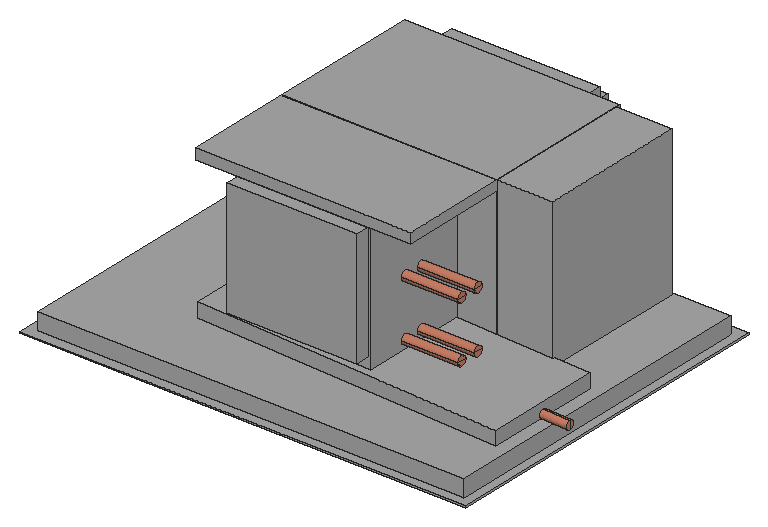
Revit family
Parameters (values of type "FNP 6 - 115V - 4 Pipe - 3 Rows Cooling - 1 Row Heating")
  Width = if(1 = 1, (Supply Air Connection Width + 1' 8"), 1' 0")  # 2' - 10"
  Water Supply Connection Diameter = 1"
  Water Return Connection Diameter = 1"
  Voltage = 120 V
  Unit Weight = if(Supply Air Connection Width > 3' 10", 170.00 lbf, if(Supply Air Connection Width > 3' 6", 164.00 lbf, if(Supply Air Connection Width > 3' 2", 157.00 lbf, if(Supply Air Connection Width > 2' 8", 150.00 lbf, if(Supply Air Connection Width > 2' 3", 101.00 lbf, if(Supply Air Connection Width > 1' 6", 95.00 lbf, 87.00 lbf))))))  # 87.00 lbf
  Unit Size = 6
  URL = "http://www.johnsoncontrols.com/publish/us/en.html"
  Type Comments = ""
  Total Cooling Capacity = 0.0 Btu/h
  Total Coil Row Count = Heating Coil Row Count + Cooling Coil Row Count  # 0
  Telescoping Height [instance] = 0' - 6 1/2"
  Telescoping Bottom [instance] = no
  Supply Fan Quantity = if(Coil Face Area > 2.50 SF, 2, 1)  # 1
  Supply Air Connection Width = if(Unit Size > 19, 3' 11", if(Unit Size > 17, 3' 7", if(Unit Size > 15, 3' 2", if(Unit Size > 13, 2' 9", if(Unit Size > 11, 2' 4", if(Unit Size > 9, 1' 11", if(Unit Size > 7, 1' 7", 1' 2")))))))  # 14"
  Supply Air Connection Height = 1' 0 1/2"  # 12 1/2"
  Sensible Heating Capacity = 0.0 Btu/h
  Sensible Cooling Capacity = 0.0 Btu/h
  Secondary Condensate Drain Flow = 0.00 GPM
  Return Connection Rear [instance] = not(or(Return Connection Bottom, Telescoping Bottom))  # yes
  Return Connection Bottom [instance] = no
  Return Air Connection Width = if(Unit Size > 19, 4' 1 7/8", if(Unit Size > 17, 3' 8 7/8", if(Unit Size > 15, 3' 3 7/8", if(Unit Size > 13, 2' 11 7/8", if(Unit Size > 11, 2' 8", if(Unit Size > 9, 2' 1 7/8", if(Unit Size > 7, 1' 7 7/8", 1' 4")))))))  # 16"
  Return Air Connection Height = 1' 1 3/4"  # 13 3/4"
  Reheat [instance] = yes
  Product Page URL = "http://www.johnsoncontrols.com/publish/us/en/products/building_efficiency/integrated_hvac_systems/Industrial___Commercial_HVAC_Equipment/airside_products/fan-coil/horizontal-high-performance.html"
  Product Documentation Link = "http://www.johnsoncontrols.com/publish/etc/medialib/jci/be/integrated_hvac_systems/hvac_equipment/airside/fan-coil-units/horizontal-high-performance.Par.62567.File.dat/115-26-EG3909-Horizontal-High-Performance.pdf"
  Pressure Drop = 0.00 in-wg
  Preheat [instance] = not(Reheat)  # no
  Power Factor = 0.8
  Nominal HP [instance] = 0 kW
  Motor ECM Current = 0 A
  Heating Steam [instance] = not(Heating Hot Water)  # no
  Heating Nominal Input Power [instance] = 0 kW
  Heating Hot Water [instance] = yes
  Heating Coil Row Count = 0
  Heating Coil Description [instance] = if(Heating Hot Water, "Hot Water", "Steam")  # "Hot Water"
  Filter Quantity = if(Coil Face Area > 2.50 SF, 2, 1)  # 1
  Electric Heat Current = 0 A
  Design Supply Air Flow = 700 CFM
  Cooling DX [instance] = not(Cooling Chilled Water)  # no
  Cooling Coil Row Count = 0
  Cooling Coil Description [instance] = if(Cooling Chilled Water, "Chilled Water", "DX")  # "Chilled Water"
  Cooling Chilled Water [instance] = yes
  Condensate Drain Connector 2 Description [instance] = if(Condensate Pipe Secondary, "Condensate Drain Secondary", "Disabled")  # "Disabled"
  Condensate Drain Connector Description [instance] = "Condensate Drain"  # constant formula
  Chilled Return Water Connector Description [instance] = if([4 Pipe], "Chilled Water Return", "Disabled")  # "Chilled Water Return"
  Chilled Supply Water Connector Description [instance] = if([4 Pipe], "Chilled Water Supply", "Disabled")  # "Chilled Water Supply"
  Return Water Connector Description [instance] = if(or([4 Pipe], [2 Pipe Heating]), "Hot Water Return", "Chilled Water Return")  # "Hot Water Return"
  Supply Water Connector Description [instance] = if(or([4 Pipe], [2 Pipe Heating]), "Hot Water Supply", "Chilled Water Supply")  # "Hot Water Supply"
  Overall Width = if(1 = 1, Supply Air Connection Width + 1' 8", 1' 0")  # 2' - 10"
  OmniClass Title = "Fan Coil Units"  # constant formula
  OmniClass Number = "23.75.70.17.27"  # constant formula
  Number of Poles = 1
  Net Weight = Unit Weight + Coil Rows Weight  # 108.00 lbf
  Mounting Hole Distance = if(1 = 1, Supply Air Connection Width + 0' 6", 1' 0")  # 1' - 8"
  Motor PSC Type [instance] = not(Motor ECM Type)  # yes
  Motor PSC Current = 0 A
  Motor ECM Type [instance] = no
  Model = "FNP"
  Manufacturer = "Johnson Controls, Inc."  # constant formula
  Length = 2' - 8 1/2"  # constant formula
  Keynote = "15700"
  Hot Water Connection Diameter = 0"
  Height = 1' - 4 3/4"  # constant formula
  Heating Leaving Water Temperature = 140 °F
  Heating Entering Water Temperature = 180 °F
  Heating Entering Dry Bulb Temperature = 70 °F
  Heating Coil Water Pressure Drop = 0 Pa
  Full Load Current [instance] = Electric Heat Current + if(Motor ECM Type, Motor ECM Current, Motor PSC Current)  # 0 A
  Frequency = 0 Hz
  Frame Material = Metal - JCI - Steel - Galvanized
  Filter Throwaway [instance] = yes
  Filter Pleated 2 in [instance] = no
  Filter Pleated 1 in [instance] = no
  Filter Size = if(Unit Size > 19, "16x25", if(Unit Size > 15, "16x20", if(Unit Size > 11, "16x16", if(Unit Size > 9, "16x25", if(Unit Size > 7, "16x20", "16x16")))))  # "16x16"
  Fan Width = if(Supply Air Connection Width > 2' 8", 0' 8 1/4", if(Supply Air Connection Width > 2' 3", 0' 6 7/8", if(Supply Air Connection Width > 1' 6", 0' 8 1/4", 0' 6 7/8")))  # 0' - 6 7/8"
  Fan Motor Horsepower = 0.1666
  External Static Pressure = 0.00 in-wg
  Electrical Connector Description = "Single Point Power Connection"
  Electric Heat Wattage = 0 W
  Electric Heat Capacity = 0.0 Btu/h
  Duct Connector Description 2 [instance] = "Return Air Flow Connection Rear"
  Duct Connector Description [instance] = "Supply Air Connection"  # constant formula
  Drain Pan Width = Overall Width - 0' 1 7/8"  # 2' - 8 1/8"
  Design Heating Water Flow = 0.00 GPM
  Design Chilled Water Flow = 0.00 GPM
  Cooling Leaving Water Temperature = 55 °F
  Cooling Entering Wet Bulb Temperature = 67 °F
  Cooling Entering Water Temperature = 45 °F
  Cooling Entering Dry Bulb Temperature = 80 °F
  Cooling Coil Water Pressure Drop = 3447.5 Pa
  Control Enclosure Width = 1' - 4"
  Control Enclosure Height = 1' - 4"  # constant formula
  Control Enclosure Depth = 0' - 6"  # constant formula
  Condensate Drain Pan Material = Metal - JCI - Steel - Galvanized
  Condensate Drain Connection Diameter Auxiliary = 0"
  Coil Rows Weight = 21.00 lbf
  Coil Pipe Material = Metal - JCI - Copper - Type-L - Polished
  Coil Nominal Connection Size = 0' - 0 5/8"
  Coil Face Area = if(Supply Air Connection Width > 3' 10", 5.00 SF, if(Supply Air Connection Width > 3' 6", 4.58 SF, if(Supply Air Connection Width > 3' 1", 4.06 SF, if(Supply Air Connection Width > 2' 8", 3.54 SF, if(Supply Air Connection Width > 2' 3", 3.02 SF, if(Supply Air Connection Width > 1' 10", 2.50 SF, if(Supply Air Connection Width > 1' 6", 2.08 SF, 1.56 SF)))))))  # 1.56 SF
  Chilled Water Connection Diameter = 0"
  Ceiling Panel Bottom [instance] = yes
  Capacity Above Sea Level = 1.085 - ((Altitude / 1000' 0") * 0.034)  # 1.085
  Two Fan Motors = Supply Air Connection Width > 2' 3"  # no
  Drain Pan Overhang Right [instance] = Coil Connection Right  # yes
  Description = ""
  Copyright © = "© 2009, Johnson Controls, Inc."  # constant formula
  Control Enclosure Right [instance] = yes
  Control Enclosure Left [instance] = not(Control Enclosure Right)  # no
  Condensate Pipe Secondary [instance] = no
  Condensate Drain Connection Diameter 2 = 5/8"
  Condensate Drain Connection Diameter = 7/8"
  Condensate Connection Radius 2 [instance] = if(Condensate Pipe Secondary, if(Condensate Drain Connection Diameter 2 < 0' 0 1/8", 0' 0 1/16", Condensate Drain Connection Diameter 2 / 2), Condensate Connection Radius)  # 0' - 0 7/16"
  Condensate Connection Radius [instance] = if(Condensate Drain Connection Diameter < 0' 0 1/8", 0' 0 1/16", Condensate Drain Connection Diameter / 2)  # 0' - 0 7/16"
  Coil Connection Right [instance] = yes
  Coil Connection Left [instance] = not(Coil Connection Right)  # no
  Coil Casing Width = if(1 = 1, Supply Air Connection Width + 0' 9 1/8", 1' 0")  # 1' - 11 1/8"
  Coil Casing Depth = 0' - 11 5/8"  # constant formula
  CTRL Unit Offset From Bottom [instance] = if(Ceiling Panel Bottom, if(Telescoping Bottom, Telescoping Height + 0' 1 7/8", 0' 1 7/8"), 0' 2 7/8")  # 0' - 1 7/8"
  CTRL Supply Offset Front [instance] = 0' - 2 11/64"
  CTRL Supply 2 Offset Front [instance] = CTRL Supply Offset Front + CTRL Return 2 Offset Front  # 0' - 7 3/64"
  CTRL Return Connetion Angle [instance] = if(Return Connection Rear, 0.00°, 90.00°)  # 0.00°
  CTRL Return Connection Offset [instance] = if(Return Connection Rear, 0' 8 1/4", Height / 2)  # 0' - 8 1/4"
  CTRL Return 2 Offset Front [instance] = if([4 Pipe], if(CTRL Supply Offset Front = 0' 0", 0' 9", if([4 Pipe], 0' 4 7/8", 0' 6 7/8")), 0' 4 7/8")  # 0' - 4 7/8"
  CTRL Pipes Offset Position [instance] = if(Coil Connection Right, Supply Air Connection Width + 0' 0 1/2", 0' 0")  # 1' - 2 1/2"
  CTRL Pipes Offset Length = ((Coil Casing Width - Supply Air Connection Width) / 2) + 0' 1 7/8" - 0' 0 1/4"  # 0' - 6 3/16"
  CTRL Pipe Supply Radius = if(Water Supply Connection Diameter < 0' 0 1/4", 0' 0 1/8", if(Water Supply Connection Diameter > 0' 4", 0' 2", Water Supply Connection Diameter / 2))  # 0' - 0 1/2"
  CTRL Pipe Supply 2 Height Offset [instance] = if([4 Pipe], if(CTRL Pipe Supply Height Offset > 0' 10", CTRL Pipe Supply Height Offset, if([4 Pipe], 0' 3", CTRL Pipe Supply Height Offset)), CTRL Pipe Supply Height Offset)  # 0' - 3"
  CTRL Pipe Supply Height Offset [instance] = if(CTRL Pipe Return Height Offset = 0' 1 1/2", CTRL Pipe Return Height Offset + 1' 1 3/4", 0' 9 1/8")  # 0' - 9 1/8"
  CTRL Pipe Radius = if(Water Return Connection Diameter < 0' 0 1/4", 0' 0 1/8", if(Water Return Connection Diameter > 0' 4", 0' 2", Water Return Connection Diameter / 2))  # 0' - 0 1/2"
  CTRL Pipe Return Height Offset [instance] = 0' - 9 1/8"
  CTRL Pipe Return Angle [instance] = if(Coil Connection Right, 0.00°, 180.00°)  # 0.00°
  CTRL Pipe Return 2 Height Offset [instance] = if([4 Pipe], if(CTRL Pipe Return Height Offset < 0' 3", CTRL Pipe Return Height Offset, if([4 Pipe], 0' 3", CTRL Pipe Return Height Offset)), CTRL Pipe Return Height Offset)  # 0' - 3"
  CTRL Filter Height [instance] = if(1 = 1, Return Air Connection Height + 0' 2 1/4", 0' 0")  # 1' - 4"
  CTRL Fan Two Offset = if(Supply Air Connection Width > 2' 3", Supply Air Connection Width / 4, Supply Air Connection Width / 2)  # 0' - 7"
  CTRL Fan One Offset = if(Supply Air Connection Width > 2' 3", Supply Air Connection Width / 4, Supply Air Connection Width / 2)  # 0' - 7"
  CTRL Enclosure Width = if(Control Enclosure Width < 0' 10", 0' 10", if(Control Enclosure Width > 1' 4", 1' 4", Control Enclosure Width))  # 1' - 4"
  CTRL Enclosure Offset Right [instance] = if(Control Enclosure Right, (Coil Casing Width / 2) + 0' 6", 0' 0")  # 1' - 5 9/16"
  CTRL Enclosure Offset Left [instance] = if(Control Enclosure Right, 0' 6", (Coil Casing Width / 2) + 0' 6")  # 0' - 6"
  CTRL Enclosure Depth 2 [instance] = if(Control Enclosure Right, 0' 0", 0' 6")  # 0' - 0"
  CTRL Enclosure Depth 1 [instance] = if(Control Enclosure Right, 0' 6", 0' 0")  # 0' - 6"
  CTRL Drain Pan Position = (Coil Casing Width / 2)  # 0' - 11 9/16"
  CTRL Drain Pan Angle [instance] = if(Drain Pan Overhang Right, 0.00°, 180.00°)  # 0.00°
  Auxiliary Drip Pan [instance] = no
  Assembly Code = "D3050100"
  Apparent Load [instance] = Full Load Current * Voltage  # 0 VA
  Altitude = 0' - 0"
  Actual Supply Air Flow [instance] = 0 CFM
  Actual Return Air Flow [instance] = 0 CFM
  Actual Heating Water Flow [instance] = 0.00 GPM
  Actual Condensate Drain Flow [instance] = 0.00 GPM
  Actual Chilled Water Flow [instance] = 0.00 GPM
  4 Pipe = yes
  2 Pipe Heating = no
  2 Pipe Cooling = not(or([4 Pipe], [2 Pipe Heating]))  # no
Reference planes (in)
  plane 1 "Center (Front/Back)": y = 0
  plane 2 "Bottom": z = 1.875
  plane 3 "Center (Left/Right)": x = 0
  plane 4 "Left": x = -11.5625
  plane 5 "Right": x = 11.5625
  plane 6 "Front": y = -11.625
  plane 7 "Top": z = 18.625
  plane 8 "Duct Width Left": x = -7
  plane 9 "Duct Width Right": x = 7
  plane 10 "Duct Height Top": z = 17.5
  plane 11 "Duct Height Bottom": z = 5
  plane 12 "Duct Connector Front": y = -13.125
  plane 13 "Duct Width Offset Right": x = 7.25
  plane 14 "Duct Width Offset Left": x = -7.25
  plane 15 "Back": y = 19.375
  plane 16 "Coil Casing Bottom": z = 3.875
  plane 17 "Drain Pan Position (Left/Right)": x = 0
  plane 18 "Drain Pan Position (Front/Back)": y = -6.1875
  plane 19 "Duct Connection (Top/Bottom)": z = 11.25
  plane 20 "Ctrl Enclosure (L/R) 2": x = 11.5625
  plane 21 "Ctrl Enclosure Back": y = 16
  plane 22 "Ctrl Enclosure (L/R) 1": x = 17.5625
  plane 23 "Ctrl Enclosure Height Bottom": z = 2.625
  plane 24 "Return Header": y = -4.875
  plane 25 "Supply Header": y = -7.04688
  plane 26 "Headers Center CTRL (L/R)": x = 7.25
  plane 27 "Return Height Placement": z = 11
  plane 28 "Supply Height Placement": z = 11
  plane 29 "Fan 1 Center (L/R)": x = 0
  plane 30 "Fan 2 Center (L/R)": x = 0
  plane 31 "Plenum Depth": y = 16.5
  plane 32 "Filter Depth": y = 18.375
  plane 33 "Return Connector Height Top": z = 17.125
  plane 34 "Return Connection Height Bottom": z = 3.375
  plane 35 "Filter Top": z = 18.25
  plane 36 "Filter Bottom": z = 2.25
  plane 37 "Return Connection Width Left": x = -8
  plane 38 "Return Connection Width Right": x = 8
  plane 39 "Return Connection (F/B) Position": y = 8.25
  plane 40 "Plenum Box Center (F/B)": y = 8.25
  plane 41 "Center Elevation (T/B)": z = 10.25
  plane 42 "Return Bottom Masking Region": z = -1
  plane 43 "Filter Bottom Return": z = 0
  plane 44 "Return Header 2": y = -4.875
  plane 45 "Supply Header 2": y = -7.04688
  plane 46 "Return Height Placement 2": z = 4.875
  plane 47 "Supply Height Placement 2": z = 4.875
Forms (in)
  Extrusion 1, solid, material "Metal - JCI - Steel - Galvanized" <- "Frame Material", detail levels fine
    sketch origin (0, 0, 0) x (1, 0, 0) y (0, 1, 0)
      loop
        line (11.5625, -11.625) -> (11.5625, 0) -> (-11.5625, 0) -> (-11.5625, -11.625) -> (11.5625, -11.625)
    from 17.5 to 18.625
  Extrusion 2, solid, material "Metal - JCI - Steel - Galvanized" <- "Frame Material", detail levels fine
    sketch origin (0, 0, 0) x (1, 0, 0) y (0, 1, 0)
      loop
        line (7.25, -11.625) -> (7.25, 0) -> (-7.25, 0) -> (-7.25, -11.625) -> (7.25, -11.625)
    from 3.875 to 17.5
  Extrusion 3, solid, material "Metal - JCI - Steel - Galvanized" <- "Frame Material", detail levels medium+fine
    sketch origin (0, 0, 0) x (1, 0, 0) y (0, 0, 1)
      loop
        line (7, 5) -> (7, 17.5) -> (-7, 17.5) -> (-7, 5) -> (7, 5)
    from 11.625 to 13.125
  Blend 4, solid, material "Metal - JCI - Steel - Galvanized" <- "Frame Material", detail levels medium+fine
    base sketch origin (11.5625, 0, 2.375) x (0, -1, 0) y (0, 0, 1)
      loop
        line (-16, 0.25) -> (0, 0.25) -> (0, 16.25) -> (-16, 16.25) -> (-16, 0.25)
    top sketch origin (11.5625, 0, 2.375) x (0, -1, 0) y (0, 0, 1)
      loop
        line (-16, 0.25) -> (0, 0.25) -> (0, 16.25) -> (-16, 16.25) -> (-16, 0.25)
    from -6 to 0
  Revolve 5, solid, material "Metal - JCI - Copper - Type-L - Polished" <- "Coil Pipe Material", detail levels fine
    sketch origin (0, 0, 11) x (-1, 0, 0) y (0, -1, 0)
      loop
        line (-13.4375, 4.875) -> (-13.4375, 4.375) -> (-7.25, 4.375) -> (-7.25, 4.875) -> (-13.4375, 4.875)
      axis (-7.25, 4.875) -> (-13.4375, 4.875)
    angle from 0 to 360
  Revolve 6, solid, material "Metal - JCI - Copper - Type-L - Polished" <- "Coil Pipe Material", detail levels fine
    sketch origin (0, 0, 11) x (-1, 0, 0) y (0, -1, 0)
      loop
        line (-13.4375, 7.04688) -> (-13.4375, 6.54688) -> (-7.25, 6.54688) -> (-7.25, 7.04688) -> (-13.4375, 7.04688)
      axis (-7.25, 7.04688) -> (-13.4375, 7.04688)
    angle from 0 to 360
  Extrusion 7, solid, material "Metal - JCI - Steel - Galvanized" <- "Frame Material", detail levels medium+fine
    sketch origin (0, 0, 11) x (-1, 0, 0) y (0, -1, 0)
      loop
        line (-11.5625, 0) -> (-11.5625, -16.5) -> (11.5625, -16.5) -> (11.5625, 0) -> (-11.5625, 0)
    from -9.125 to 7.625
  Extrusion 8, solid, material "Metal - JCI - Steel - Galvanized" <- "Frame Material", detail levels medium
    sketch origin (0, 0, 10.25) x (-1, 0, 0) y (0, -1, 0)
      loop
        line (-11.5625, 11.625) -> (-11.5625, 0) -> (11.5625, 0) -> (11.5625, 11.625) -> (-11.5625, 11.625)
    from -8.375 to 8.375
  Extrusion 9, solid, material "Metal - JCI - Steel - Galvanized" <- "Frame Material", detail levels medium+fine
    sketch origin (-11.5625, 0, 0) x (0, -1, 0) y (0, 0, 1)
      loop
        line (-16.5, 2.25) -> (-16.5, 18.25) -> (-18.375, 18.25) -> (-18.375, 2.25) -> (-16.5, 2.25)
    from -19.5625 to -3.5625
  Extrusion 10, solid, material "Metal - JCI - Steel - Galvanized" <- "Frame Material", detail levels medium+fine
    sketch origin (-11.5625, 0, 0) x (0, -1, 0) y (0, 0, 1)
      loop
        line (-18.375, 17.125) -> (-19.375, 17.125) -> (-19.375, 3.375) -> (-18.375, 3.375) -> (-18.375, 17.125)
    from -19.5625 to -3.5625
  Revolve 11, solid, material "Metal - JCI - Copper - Type-L - Polished" <- "Coil Pipe Material", detail levels fine
    sketch origin (0, 0, 4.875) x (-1, 0, 0) y (0, -1, 0)
      loop
        line (-7.25, 4.875) -> (-7.25, 5.375) -> (-13.4375, 5.375) -> (-13.4375, 4.875) -> (-7.25, 4.875)
      axis (-7.25, 4.875) -> (-13.4375, 4.875)
    angle from 0 to 360
  Revolve 12, solid, material "Metal - JCI - Copper - Type-L - Polished" <- "Coil Pipe Material", detail levels fine
    sketch origin (0, 0, 4.875) x (-1, 0, 0) y (0, -1, 0)
      loop
        line (-7.25, 7.04688) -> (-7.25, 7.54688) -> (-13.4375, 7.54688) -> (-13.4375, 7.04688) -> (-7.25, 7.04688)
      axis (-7.25, 7.04688) -> (-13.4375, 7.04688)
    angle from 0 to 360
Lines and regions (in)
  Masking region 1
    outline origin (0, 0, 18.625) x (-1, 0, 0) y (0, -1, 0)
      loop
        line (-11.5625, 11.625) -> (-11.5625, 0) -> (11.5625, 0) -> (11.5625, 11.625) -> (-11.5625, 11.625)
  Masking region 2, detail levels medium+fine
    outline origin (0, 0, 17.5) x (-1, 0, 0) y (0, -1, 0)
      loop
        line (-7, 13.125) -> (-7, 11.625) -> (7, 11.625) -> (7, 13.125) -> (-7, 13.125)
  Masking region 3
    outline origin (0, 0, 1.875) x (1, 0, 0) y (0, 1, 0)
      loop
        line (17.5625, 0) -> (17.5625, 16) -> (11.5625, 16) -> (11.5625, 0) -> (17.5625, 0)
  Masking region 4, visible <- "Coil Connection Left", detail levels fine
    outline origin (0, 0, 1.875) x (1, 0, 0) y (0, 1, 0)
      loop
        line (-13.4375, -4.375) -> (-13.4375, -5.375) -> (-11.5625, -5.375) -> (-11.5625, -4.375) -> (-13.4375, -4.375)
  Masking region 5, visible <- "Coil Connection Right", detail levels fine
    outline origin (0, 0, 1.875) x (1, 0, 0) y (0, 1, 0)
      loop
        line (13.4375, -5.375) -> (13.4375, -4.375) -> (11.5625, -4.375) -> (11.5625, -5.375) -> (13.4375, -5.375)
  Masking region 6, visible <- "Coil Connection Right", detail levels fine
    outline origin (0, 0, 1.875) x (1, 0, 0) y (0, 1, 0)
      loop
        line (13.4375, -7.54688) -> (13.4375, -6.54688) -> (11.5625, -6.54688) -> (11.5625, -7.54688) -> (13.4375, -7.54688)
  Masking region 7, visible <- "Coil Connection Left", detail levels fine
    outline origin (0, 0, 1.875) x (1, 0, 0) y (0, 1, 0)
      loop
        line (-11.5625, -7.54688) -> (-11.5625, -6.54688) -> (-13.4375, -6.54688) -> (-13.4375, -7.54688) -> (-11.5625, -7.54688)
  Masking region 8, visible <- "Control Enclosure Left"
    outline origin (11.5625, 0, 0) x (0, -1, 0) y (0, 0, 1)
      loop
        line (-16, 2.625) -> (0, 2.625) -> (0, 18.625) -> (-16, 18.625) -> (-16, 2.625)
  Masking region 9, visible <- "Control Enclosure Right", detail levels medium+fine
    outline origin (17.5625, 0, 0) x (0, -1, 0) y (0, 0, 1)
      loop
        line (-16, 2.625) -> (0, 2.625) -> (0, 18.625) -> (-16, 18.625) -> (-16, 2.625)
  Masking region 10
    outline origin (7.25, 0, 0) x (0, -1, 0) y (0, 0, -1)
      loop
        line (0, -3.875) -> (0, -18.625) -> (11.625, -18.625) -> (11.625, -3.875) -> (0, -3.875)
  Masking region 11, detail levels medium+fine
    outline origin (11.5625, 0, 0) x (0, -1, 0) y (0, 0, 1)
      loop
        line (11.625, 5) -> (13.125, 5) -> (13.125, 17.5) -> (11.625, 17.5) -> (11.625, 5)
  Masking region 12
    outline origin (0, 0, 10.25) x (-1, 0, 0) y (0, -1, 0)
      loop
        line (-11.5625, 0) -> (-11.5625, -16.5) -> (11.5625, -16.5) -> (11.5625, 0) -> (-11.5625, 0)
  Masking region 13, detail levels medium+fine
    outline origin (0, 0, 10.25) x (-1, 0, 0) y (0, -1, 0)
      loop
        line (-8, -16.5) -> (-8, -19.375) -> (8, -19.375) -> (8, -16.5) -> (-8, -16.5)
  Masking region 14
    outline origin (0, 0, 0) x (0, 1, 0) y (0, 0, 1)
      loop
        line (16.5, 1.875) -> (16.5, 18.625) -> (0, 18.625) -> (0, 1.875) -> (16.5, 1.875)
  Masking region 15
    outline origin (0, 0, 0) x (1, 0, 0) y (0, 0, 1)
      loop
        line (11.5625, 2.625) -> (17.5625, 2.625) -> (17.5625, 18.625) -> (11.5625, 18.625) -> (11.5625, 2.625)
  Masking region 16
    outline origin (0, 0, 0) x (1, 0, 0) y (0, 0, 1)
      loop
        line (11.5625, 1.875) -> (11.5625, 18.625) -> (-11.5625, 18.625) -> (-11.5625, 1.875) -> (11.5625, 1.875)
  Masking region 17, detail levels fine
    outline origin (0, -13.125, 0) x (-1, 0, 0) y (0, 0, 1)
      loop
        line (-7, 5) -> (7, 5) -> (7, 17.5) -> (-7, 17.5) -> (-7, 5)
  Masking region 18, detail levels medium+fine
    outline origin (0, -11.625, 0) x (-1, 0, 0) y (0, 0, 1)
      loop
        line (-11.5625, 17.5) -> (11.5625, 17.5) -> (11.5625, 18.625) -> (-11.5625, 18.625) -> (-11.5625, 17.5)
  Masking region 19
    outline origin (0, 19.375, 0) x (-1, 0, 0) y (0, 0, 1)
      loop
        line (-11.5625, 1.875) -> (11.5625, 1.875) -> (11.5625, 18.625) -> (-11.5625, 18.625) -> (-11.5625, 1.875)
  Masking region 20
    outline origin (0, 16, 0) x (-1, 0, 0) y (0, 0, 1)
      loop
        line (-11.5625, 2.625) -> (-11.5625, 18.625) -> (-17.5625, 18.625) -> (-17.5625, 2.625) -> (-11.5625, 2.625)
  Masking region 21, detail levels medium+fine
    outline origin (-11.5625, 0, 0) x (0, -1, 0) y (0, 0, 1)
      loop
        line (-16.5, 2.25) -> (-16.5, 18.25) -> (-18.375, 18.25) -> (-18.375, 17.125) -> (-19.375, 17.125) -> (-19.375, 3.375) -> (-18.375, 3.375) -> (-18.375, 2.25) -> (-16.5, 2.25)
  Masking region 22, detail levels coarse
    outline origin (-11.5625, 0, 0) x (0, -1, 0) y (0, 0, 1)
      loop
        line (-16.5, 2.25) -> (-16.5, 18.25) -> (-18.375, 18.25) -> (-18.375, 2.25) -> (-16.5, 2.25)
  Masking region 23, visible <- "Return Connection Bottom", detail levels medium+fine
    outline origin (0, -11.625, 0) x (-1, 0, 0) y (0, 0, 1)
      loop
        line (-8, -1) -> (8, -1) -> (8, 1.875) -> (-8, 1.875) -> (-8, -1)
  Masking region 24, visible <- "Return Connection Bottom", detail levels coarse
    outline origin (0, -11.625, 0) x (-1, 0, 0) y (0, 0, 1)
      loop
        line (-8, 0) -> (8, 0) -> (8, 1.875) -> (-8, 1.875) -> (-8, 0)
  Masking region 25, detail levels fine
    outline origin (0, -4.875, 0) x (-1, 0, 0) y (0, 0, 1)
      loop
        line (-7.25, 11.5) -> (-13.4375, 11.5) -> (-13.4375, 10.5) -> (-7.25, 10.5) -> (-7.25, 11.5)
  Masking region 26, detail levels fine
    outline origin (0, -7.04688, 0) x (-1, 0, 0) y (0, 0, 1)
      loop
        line (-13.4375, 10.5) -> (-7.25, 10.5) -> (-7.25, 11.5) -> (-13.4375, 11.5) -> (-13.4375, 10.5)
  Masking region 27, visible <- "4 Pipe", detail levels fine
    outline origin (0, -7.04688, 0) x (-1, 0, 0) y (0, 0, 1)
      loop
        line (-13.4375, 4.375) -> (-7.25, 4.375) -> (-7.25, 5.375) -> (-13.4375, 5.375) -> (-13.4375, 4.375)
  Masking region 28, visible <- "4 Pipe", detail levels fine
    outline origin (0, -4.875, 0) x (-1, 0, 0) y (0, 0, 1)
      loop
        line (-13.4375, 4.375) -> (-7.25, 4.375) -> (-7.25, 5.375) -> (-13.4375, 5.375) -> (-13.4375, 4.375)
  reference lines
    curve 1: line (0, -6.1875, 0) -> (11.5625, -6.1875, 0)
    curve 2: line (11.5625, -5.8125, 0) -> (11.5625, -6.5625, 0)
    curve 39: line (17.5625, -1.47806, 1.875) -> (17.5625, 20.52194, 1.875)
    curve 40: line (11.5625, -1.47806, 1.875) -> (11.5625, 20.52194, 1.875)
    curve 41: line (11.15623, -4.375, 1.875) -> (7.53123, -4.375, 1.875)
    curve 42: line (11.15623, -5.375, 1.875) -> (7.53123, -5.375, 1.875)
    curve 43: line (-13.4375, -16.00927, 1.875) -> (-13.4375, 25.99073, 1.875)
    curve 44: line (13.4375, -16.00927, 1.875) -> (13.4375, 3.86573, 1.875)
    curve 45: line (11.15623, -6.54688, 1.875) -> (8.78123, -6.54688, 1.875)
    curve 46: line (11.15623, -7.54688, 1.875) -> (8.78123, -7.54688, 1.875)
    curve 57: line (0, 8.25, 10.25) -> (0, 16.5, 10.25)
    curve 58: line (0, 16.5, 18.25) -> (0, 16.5, 2.25)
    curve 59: line (0, 18.375, 2.25) -> (0, 18.375, 18.25)
    curve 60: line (0, 19.375, 3.375) -> (0, 19.375, 17.125)
  symbolic lines, style "Fan Coil Unit", detail levels coarse
    curve 3: line (0, -13.125, 17.5) -> (0, -11.625, 17.5)
    curve 73: line (0, 16.5, 10.25) -> (0, 19.375, 10.25)
  model lines, style "Fan Coil Unit", detail levels coarse
    curve 4: line (11.5625, -11.625, 18.625) -> (-11.5625, -11.625, 18.625)
    curve 5: line (11.5625, 0, 18.625) -> (11.5625, -11.625, 18.625)
    curve 6: line (-11.5625, 0, 18.625) -> (11.5625, 0, 18.625)
    curve 7: line (-11.5625, -11.625, 18.625) -> (-11.5625, 0, 18.625)
    curve 8: line (11.5625, -11.625, 17.5) -> (-11.5625, -11.625, 17.5)
    curve 9: line (11.5625, 0, 17.5) -> (11.5625, -11.625, 17.5)
    curve 10: line (-11.5625, 0, 17.5) -> (11.5625, 0, 17.5)
    curve 11: line (-11.5625, -11.625, 17.5) -> (-11.5625, 0, 17.5)
    curve 12: line (7.25, -11.625, 3.875) -> (-7.25, -11.625, 3.875)
    curve 13: line (7.25, 0, 3.875) -> (7.25, -11.625, 3.875)
    curve 14: line (-7.25, 0, 3.875) -> (7.25, 0, 3.875)
    curve 15: line (-7.25, -11.625, 3.875) -> (-7.25, 0, 3.875)
    curve 16: line (-7, -11.625, 5) -> (7, -11.625, 5)
    curve 17: line (-11.5625, 0, 17.5) -> (-11.5625, 0, 18.625)
    curve 18: line (11.5625, 0, 17.5) -> (11.5625, 0, 18.625)
    curve 19: line (-7.25, 0, 3.875) -> (-7.25, 0, 17.5)
    curve 20: line (7.25, 0, 3.875) -> (7.25, 0, 17.5)
    curve 21: line (-11.5625, -11.625, 17.5) -> (-11.5625, -11.625, 18.625)
    curve 22: line (11.5625, -11.625, 17.5) -> (11.5625, -11.625, 18.625)
    curve 23: line (-7, -11.625, 5) -> (-7, -11.625, 17.5)
    curve 24: line (7, -11.625, 5) -> (7, -11.625, 17.5)
    curve 25: line (7.25, -11.625, 3.875) -> (7.25, -11.625, 17.5)
    curve 26: line (-7.25, -11.625, 3.875) -> (-7.25, -11.625, 17.5)
    curve 27: line (0, -11.625, 11.25) -> (0, -13.125, 11.25)
    curve 28: line (17.5625, 0, 18.625) -> (17.5625, 16, 18.625)
    curve 29: line (17.5625, 0, 2.625) -> (17.5625, 0, 18.625)
    curve 30: line (17.5625, 16, 2.625) -> (17.5625, 0, 2.625)
    curve 31: line (17.5625, 16, 18.625) -> (17.5625, 16, 2.625)
    curve 32: line (17.5625, 16, 18.625) -> (11.5625, 16, 18.625)
    curve 33: line (11.5625, 16, 18.625) -> (11.5625, 0, 18.625)
    curve 34: line (11.5625, 0, 18.625) -> (17.5625, 0, 18.625)
    curve 35: line (11.5625, 0, 2.625) -> (17.5625, 0, 2.625)
    curve 36: line (11.5625, 16, 18.625) -> (11.5625, 16, 2.625)
    curve 37: line (11.5625, 16, 2.625) -> (11.5625, 0, 2.625)
    curve 38: line (17.5625, 16, 2.625) -> (11.5625, 16, 2.625)
    curve 61: line (11.5625, 0, 18.625) -> (11.5625, 0, 1.875)
    curve 62: line (11.5625, 16.5, 18.625) -> (11.5625, 0, 18.625)
    curve 63: line (11.5625, 16.5, 1.875) -> (11.5625, 16.5, 18.625)
    curve 64: line (11.5625, 0, 1.875) -> (11.5625, 16.5, 1.875)
    curve 65: line (-11.5625, 0, 18.625) -> (11.5625, 0, 18.625)
    curve 66: line (11.5625, 16.5, 18.625) -> (-11.5625, 16.5, 18.625)
    curve 67: line (-11.5625, 16.5, 18.625) -> (-11.5625, 0, 18.625)
    curve 68: line (-11.5625, 16.5, 18.625) -> (-11.5625, 16.5, 1.875)
    curve 69: line (-11.5625, 0, 1.875) -> (-11.5625, 0, 18.625)
    curve 70: line (-11.5625, 16.5, 1.875) -> (-11.5625, 0, 1.875)
    curve 71: line (11.5625, 16.5, 1.875) -> (-11.5625, 16.5, 1.875)
    curve 72: line (-11.5625, 0, 1.875) -> (11.5625, 0, 1.875)
    curve 82: line (-8, 16.5, 18.25) -> (-8, 16.5, 2.25)
    curve 83: line (-8, 16.5, 2.25) -> (8, 16.5, 2.25)
    curve 84: line (8, 16.5, 2.25) -> (8, 16.5, 18.25)
    curve 85: line (8, 16.5, 18.25) -> (-8, 16.5, 18.25)
    curve 86: line (8, 18.375, 18.25) -> (-8, 18.375, 18.25)
    curve 87: line (-8, 18.375, 18.25) -> (-8, 16.5, 18.25)
    curve 88: line (8, 16.5, 18.25) -> (8, 18.375, 18.25)
    curve 89: line (8, 18.375, 2.25) -> (8, 16.5, 2.25)
    curve 90: line (8, 18.375, 18.25) -> (8, 18.375, 2.25)
    curve 91: line (-8, 18.375, 2.25) -> (-8, 16.5, 2.25)
    curve 92: line (-8, 18.375, 18.25) -> (-8, 18.375, 2.25)
    curve 93: line (0, 18.375, 10.25) -> (0, 19.375, 10.25)
    curve 95: line (-8, 18.375, 2.25) -> (8, 18.375, 2.25)
  model lines, style "Fan Coil Pipes", visible <- "Coil Connection Left", detail levels coarse+medium
    curve 47: line (-7.25, -4.875, 11) -> (-13.4375, -4.875, 11)
    curve 48: line (-7.25, -7.04688, 11) -> (-13.4375, -7.04688, 11)
  model lines, style "Fan Coil Pipes", visible <- "Coil Connection Right", detail levels coarse+medium
    curve 49: line (7.25, -4.875, 11) -> (13.4375, -4.875, 11)
    curve 50: line (7.25, -7.04688, 11) -> (13.4375, -7.04688, 11)
  symbolic lines, style "Fan Coil Pipes", visible <- "Coil Connection Left", detail levels coarse+medium
    curve 51: line (-11.5625, -4.875, 11) -> (-13.4375, -4.875, 11)
    curve 52: line (-13.4375, -7.04688, 11) -> (-11.5625, -7.04688, 11)
  symbolic lines, style "Fan Coil Pipes", visible <- "Coil Connection Right", detail levels coarse+medium
    curve 53: line (13.4375, -7.04688, 11) -> (11.5625, -7.04688, 11)
    curve 54: line (13.4375, -4.875, 11) -> (11.5625, -4.875, 11)
  symbolic lines, style "Fan Coil Pipes", detail levels coarse
    curve 55: line (0, -11.625, 11.25) -> (0, -13.125, 11.25)
  symbolic lines, style "Fan Coil Pipes", detail levels fine
    curve 56: line (0, -11.625, 17.5) -> (0, 0, 17.5)
  symbolic lines, style "Fan Coil Unit", detail levels fine
    curve 74: line (-8, 18.375, 10.25) -> (8, 18.375, 10.25)
    curve 94: line (0, 18.375, 17.125) -> (0, 18.375, 3.375)
  symbolic lines, style "Fan Coil Unit", visible <- "Coil Connection Right", detail levels fine
    curve 75: circle (17.5625, -7.04688, 11) r 0.5 normal (-1, 0, 0)
    curve 76: circle (17.5625, -4.875, 11) r 0.5 normal (-1, 0, 0)
  symbolic lines, style "Fan Coil Unit", visible <- "Coil Connection Left", detail levels fine
    curve 77: circle (11.5625, -7.04688, 11) r 0.5 normal (-1, 0, 0)
    curve 78: circle (11.5625, -4.875, 11) r 0.5 normal (-1, 0, 0)
  symbolic lines, style "Fan Coil Unit"
    curve 79: line (-7.25, -11.625, 17.5) -> (-7.25, -11.625, 3.875)
    curve 80: line (-7.25, -11.625, 3.875) -> (7.25, -11.625, 3.875)
    curve 81: line (7.25, -11.625, 3.875) -> (7.25, -11.625, 17.5)
    curve 99: line (-7.25, -11.625, 17.5) -> (7.25, -11.625, 17.5)
  symbolic lines, style "Fan Coil Unit", visible <- "Return Connection Bottom", detail levels coarse
    curve 96: line (0, 0, -1) -> (0, 0, 0)
  model lines, style "Fan Coil Pipes", visible <- "4 Pipe", detail levels coarse+medium
    curve 97: line (7.25, -7.04688, 4.875) -> (13.4375, -7.04688, 4.875)
    curve 98: line (13.4375, -4.875, 4.875) -> (7.25, -4.875, 4.875)
Dimensions and locks (in)
  "Height": plane 7 "Top" to plane 2 "Bottom"
  locked: plane 7 "Top" to plane 10 "Duct Height Top" at 1.125
  "Supply Air Connection Height": plane 10 "Duct Height Top" to plane 11 "Duct Height Bottom"
  equal spacing: plane 8 "Duct Width Left", plane 3 "Center (Left/Right)", plane 9 "Duct Width Right"
  "Supply Air Connection Width": plane 8 "Duct Width Left" to plane 9 "Duct Width Right"
  locked: plane 12 "Duct Connector Front" to plane 6 "Front" at 1.5
  locked: plane 14 "Duct Width Offset Left" to plane 8 "Duct Width Left" at 0.25
  locked: plane 13 "Duct Width Offset Right" to plane 9 "Duct Width Right" at 0.25
  "Coil Casing Depth": plane 6 "Front" to plane 1 "Center (Front/Back)"
  "Coil Casing Width": plane 4 "Left" to plane 5 "Right"
  equal spacing: plane 4 "Left", plane 3 "Center (Left/Right)", plane 5 "Right"
  locked: plane 11 "Duct Height Bottom" to plane 16 "Coil Casing Bottom" at 1.125
  equal spacing: curve 2, curve 1, curve 2, locked at 0.375 each
  "CTRL Drain Pan Position": curve 1 to curve 1
  plane 3 "Center (Left/Right)" to plane 17 "Drain Pan Position (Left/Right)" = 0' - 0"
  locked: plane 18 "Drain Pan Position (Front/Back)" to plane 1 "Center (Front/Back)" at 6.1875
  equal spacing: plane 10 "Duct Height Top", plane 19 "Duct Connection (Top/Bottom)", plane 11 "Duct Height Bottom"
  "CTRL Enclosure Width": plane 21 "Ctrl Enclosure Back" to plane 1 "Center (Front/Back)"
  "CTRL Enclosure Depth 1": plane 20 "Ctrl Enclosure (L/R) 2" to curve 39
  "CTRL Enclosure Depth 2": plane 20 "Ctrl Enclosure (L/R) 2" to curve 40
  "CTRL Enclosure Offset Left": plane 20 "Ctrl Enclosure (L/R) 2" to plane 22 "Ctrl Enclosure (L/R) 1"
  "CTRL Enclosure Offset Right": plane 3 "Center (Left/Right)" to plane 22 "Ctrl Enclosure (L/R) 1"
  "Control Enclosure Height": plane 7 "Top" to plane 23 "Ctrl Enclosure Height Bottom"
  "Length": plane 15 "Back" to plane 12 "Duct Connector Front"
  locked: plane 24 "Return Header" to plane 1 "Center (Front/Back)" at 4.875
  "CTRL Supply Offset Front": plane 24 "Return Header" to plane 25 "Supply Header"
  "CTRL Pipes Offset Length": Revolve 5 sketch curve to Revolve 5 sketch curve
  "CTRL Pipe Radius": Revolve 5 sketch curve to Revolve 5 sketch curve
  "CTRL Pipes Offset Position": plane 14 "Duct Width Offset Left" to plane 26 "Headers Center CTRL (L/R)"
  "CTRL Pipe Return Height Offset": plane 27 "Return Height Placement" to plane 2 "Bottom"
  "CTRL Pipe Supply Height Offset": plane 28 "Supply Height Placement" to plane 2 "Bottom"
  "CTRL Pipes Offset Length": Revolve 6 sketch curve to Revolve 6 sketch curve
  "CTRL Pipe Supply Radius": Revolve 6 sketch curve to Revolve 6 sketch curve
  equal spacing: curve 42, plane 24 "Return Header", curve 41
  "CTRL Pipe Radius": curve 41 to plane 24 "Return Header"
  locked: curve 43 to plane 4 "Left" at 1.875
  locked: plane 5 "Right" to curve 44 at 1.875
  equal spacing: curve 46, plane 25 "Supply Header", curve 45
  "CTRL Pipe Supply Radius": curve 46 to plane 25 "Supply Header"
  "CTRL Fan One Offset": plane 8 "Duct Width Left" to plane 29 "Fan 1 Center (L/R)"
  "CTRL Fan Two Offset": plane 30 "Fan 2 Center (L/R)" to plane 9 "Duct Width Right"
  locked: plane 15 "Back" to plane 32 "Filter Depth" at 1
  locked: plane 32 "Filter Depth" to plane 31 "Plenum Depth" at 1.875
  locked: plane 7 "Top" to plane 33 "Return Connector Height Top" at 1.5
  "Return Air Connection Height": plane 33 "Return Connector Height Top" to plane 34 "Return Connection Height Bottom"
  locked: plane 36 "Filter Bottom" to plane 2 "Bottom" at 0.375
  locked: plane 7 "Top" to plane 35 "Filter Top" at 0.375
  equal spacing: plane 37 "Return Connection Width Left", plane 3 "Center (Left/Right)", plane 38 "Return Connection Width Right"
  "Return Air Connection Width": plane 37 "Return Connection Width Left" to plane 38 "Return Connection Width Right"
  "CTRL Unit Offset From Bottom": plane 2 "Bottom" to level
  equal spacing: plane 1 "Center (Front/Back)", plane 40 "Plenum Box Center (F/B)", plane 31 "Plenum Depth"
  equal spacing: plane 7 "Top", plane 41 "Center Elevation (T/B)", plane 2 "Bottom"
  "CTRL Return Connection Offset": curve 57 to curve 57
  equal spacing: curve 58, curve 57, curve 58
  "CTRL Filter Height": curve 58 to curve 58
  equal spacing: curve 59, curve 57, curve 59
  locked: curve 58 to curve 59 at 1.875
  "CTRL Filter Height": curve 59 to curve 59
  locked: curve 60 to curve 59 at 1
  equal spacing: curve 60, curve 57, curve 60
  "Return Air Connection Height": curve 60 to curve 60
  plane 40 "Plenum Box Center (F/B)" to plane 39 "Return Connection (F/B) Position" = 0' - 0"
  locked: plane 2 "Bottom" to plane 42 "Return Bottom Masking Region" at 2.875
  locked: plane 43 "Filter Bottom Return" to plane 42 "Return Bottom Masking Region" at 1
  "CTRL Return 2 Offset Front": plane 44 "Return Header 2" to plane 1 "Center (Front/Back)"
  "CTRL Supply 2 Offset Front": plane 45 "Supply Header 2" to plane 1 "Center (Front/Back)"
  "CTRL Pipes Offset Length": Revolve 11 sketch curve to Revolve 11 sketch curve
  "CTRL Pipe Radius": Revolve 11 sketch curve to Revolve 11 sketch curve
  "CTRL Pipes Offset Length": Revolve 12 sketch curve to Revolve 12 sketch curve
  "CTRL Pipe Radius": Revolve 12 sketch curve to Revolve 12 sketch curve
  "CTRL Pipe Supply 2 Height Offset": plane 47 "Supply Height Placement 2" to plane 2 "Bottom"
  "CTRL Pipe Return 2 Height Offset": plane 46 "Return Height Placement 2" to plane 2 "Bottom"
  equal spacing: Masking region 25 sketch curve, plane 27 "Return Height Placement", Masking region 25 sketch curve
  "CTRL Pipe Radius": Masking region 25 sketch curve to plane 27 "Return Height Placement"
  equal spacing: Masking region 26 sketch curve, plane 28 "Supply Height Placement", Masking region 26 sketch curve
  "CTRL Pipe Radius": Masking region 26 sketch curve to plane 28 "Supply Height Placement"
  equal spacing: Masking region 27 sketch curve, plane 47 "Supply Height Placement 2", Masking region 27 sketch curve
  "CTRL Pipe Radius": Masking region 27 sketch curve to plane 47 "Supply Height Placement 2"
  equal spacing: Masking region 28 sketch curve, plane 46 "Return Height Placement 2", Masking region 28 sketch curve
  "CTRL Pipe Radius": Masking region 28 sketch curve to plane 46 "Return Height Placement 2"
  "CTRL Drain Pan Angle": angle plane 18 "Drain Pan Position (Front/Back)" to curve 1
  locked: curve 1 to curve 2 (angle 90.00°)
  "CTRL Pipe Return Angle": angle plane 24 "Return Header" to Revolve 5 sketch curve
  "CTRL Pipe Return Angle": angle plane 25 "Supply Header" to Revolve 6 sketch curve
  "CTRL Drain Pan Angle": angle plane 18 "Drain Pan Position (Front/Back)" to nested 1
  locked: curve 57 to curve 58 (angle 90.00°)
  "CTRL Return Connetion Angle": angle curve 57 to plane 41 "Center Elevation (T/B)"
  angle curve 57 to curve 59 = 90.00°
  locked: curve 57 to curve 60 (angle 90.00°)
  "CTRL Pipe Return Angle": angle plane 44 "Return Header 2" to Revolve 11 sketch curve
  "CTRL Pipe Return Angle": angle plane 45 "Supply Header 2" to Revolve 12 sketch curve
  aligned and locked: plane 5 "Right" to Extrusion 1 sketch curve
  aligned and locked: Extrusion 1 sketch curve to plane 6 "Front"
  aligned and locked: Extrusion 1 sketch curve to plane 4 "Left"
  aligned and locked: plane 7 "Top" to Extrusion 1
  aligned and locked: Extrusion 1 to plane 10 "Duct Height Top"
  aligned and locked: Extrusion 2 sketch curve to plane 6 "Front"
  aligned and locked: Extrusion 2 sketch curve to plane 13 "Duct Width Offset Right"
  aligned and locked: Extrusion 2 sketch curve to plane 14 "Duct Width Offset Left"
  aligned and locked: plane 10 "Duct Height Top" to Extrusion 2
  aligned and locked: Extrusion 3 sketch curve to plane 10 "Duct Height Top"
  aligned and locked: Extrusion 3 sketch curve to plane 8 "Duct Width Left"
  aligned and locked: Extrusion 3 sketch curve to plane 9 "Duct Width Right"
  aligned and locked: plane 11 "Duct Height Bottom" to Extrusion 3 sketch curve
  aligned and locked: Extrusion 3 to plane 12 "Duct Connector Front"
  aligned and locked: Extrusion 3 to plane 6 "Front"
  aligned and locked: plane 1 "Center (Front/Back)" to Extrusion 2 sketch curve
  aligned and locked: plane 1 "Center (Front/Back)" to Extrusion 1 sketch curve
  aligned and locked: Extrusion 2 to plane 16 "Coil Casing Bottom"
  aligned and locked: plane 18 "Drain Pan Position (Front/Back)" to curve 1
  aligned and locked: plane 17 "Drain Pan Position (Left/Right)" to curve 1
  aligned and locked: Masking region 1 sketch curve to plane 4 "Left"
  aligned and locked: plane 1 "Center (Front/Back)" to Masking region 1 sketch curve
  aligned and locked: Masking region 1 sketch curve to plane 6 "Front"
  aligned and locked: Masking region 1 sketch curve to plane 5 "Right"
  aligned and locked: Masking region 2 sketch curve to plane 8 "Duct Width Left"
  aligned and locked: plane 12 "Duct Connector Front" to Masking region 2 sketch curve
  aligned and locked: plane 6 "Front" to Masking region 2 sketch curve
  aligned and locked: Masking region 2 sketch curve to plane 9 "Duct Width Right"
  aligned and locked: curve 3 to plane 17 "Drain Pan Position (Left/Right)"
  aligned and locked: plane 6 "Front" to curve 3
  aligned and locked: plane 12 "Duct Connector Front" to curve 3
  aligned and locked: curve 7 to plane 4 "Left"
  aligned and locked: curve 4 to plane 6 "Front"
  aligned and locked: plane 1 "Center (Front/Back)" to curve 6
  aligned and locked: curve 5 to plane 5 "Right"
  aligned and locked: curve 11 to plane 4 "Left"
  aligned and locked: plane 1 "Center (Front/Back)" to curve 10
  aligned and locked: curve 8 to plane 6 "Front"
  aligned and locked: curve 9 to plane 5 "Right"
  aligned and locked: plane 6 "Front" to curve 16
  aligned and locked: plane 7 "Top" to curve 17
  aligned and locked: plane 7 "Top" to curve 21
  aligned and locked: plane 10 "Duct Height Top" to curve 17
  aligned and locked: plane 10 "Duct Height Top" to curve 21
  aligned and locked: curve 21 to plane 4 "Left"
  aligned and locked: curve 17 to plane 4 "Left"
  aligned and locked: plane 7 "Top" to curve 22
  aligned and locked: plane 7 "Top" to curve 18
  aligned and locked: plane 10 "Duct Height Top" to curve 18
  aligned and locked: plane 10 "Duct Height Top" to curve 22
  aligned and locked: plane 5 "Right" to curve 22
  aligned and locked: plane 5 "Right" to curve 18
  aligned and locked: curve 26 to plane 14 "Duct Width Offset Left"
  aligned and locked: plane 13 "Duct Width Offset Right" to curve 25
  aligned and locked: plane 10 "Duct Height Top" to curve 20
  aligned and locked: plane 16 "Coil Casing Bottom" to curve 20
  aligned and locked: plane 16 "Coil Casing Bottom" to curve 19
  aligned and locked: plane 10 "Duct Height Top" to curve 19
  aligned and locked: plane 16 "Coil Casing Bottom" to curve 25
  aligned and locked: plane 13 "Duct Width Offset Right" to curve 20
  aligned and locked: curve 19 to plane 14 "Duct Width Offset Left"
  aligned and locked: plane 11 "Duct Height Bottom" to curve 23
  aligned and locked: curve 23 to plane 8 "Duct Width Left"
  aligned and locked: plane 11 "Duct Height Bottom" to curve 24
  aligned and locked: plane 9 "Duct Width Right" to curve 24
  aligned and locked: plane 12 "Duct Connector Front" to curve 27
  aligned and locked: plane 6 "Front" to curve 27
  aligned and locked: plane 19 "Duct Connection (Top/Bottom)" to curve 27
  aligned and locked: var sketch to Blend 4 sketch curve
  aligned and locked: Blend 4 sketch curve to var sketch  (x3)
  aligned and locked: curve 28 to Blend 4
  aligned and locked: curve 29 to Blend 4
  aligned and locked: curve 30 to Blend 4
  aligned and locked: curve 31 to Blend 4
  aligned and locked: curve 32 to Blend 4
  aligned and locked: Blend 4 to curve 33
  aligned and locked: curve 34 to Blend 4
  aligned and locked: curve 35 to Blend 4
  aligned and locked: curve 36 to Blend 4
  aligned and locked: curve 37 to Blend 4
  aligned and locked: curve 38 to Blend 4
  aligned and locked: Blend 4 sketch curve to plane 1 "Center (Front/Back)"
  aligned and locked: Blend 4 sketch curve to plane 21 "Ctrl Enclosure Back"
  aligned and locked: curve 39 to Blend 4
  aligned and locked: Blend 4 to curve 40
  aligned and locked: Masking region 3 sketch curve to plane 1 "Center (Front/Back)"
  aligned and locked: Masking region 3 sketch curve to plane 21 "Ctrl Enclosure Back"
  aligned and locked: curve 40 to Masking region 3 sketch curve
  aligned and locked: Masking region 3 sketch curve to curve 39
  aligned and locked: plane 26 "Headers Center CTRL (L/R)" to Revolve 5 sketch curve
  aligned and locked: plane 24 "Return Header" to Revolve 5 sketch curve
  aligned and locked: Revolve 5 sketch curve to Revolve 5 sketch curve  (x3)
  aligned and locked: plane 26 "Headers Center CTRL (L/R)" to Revolve 6 sketch curve
  aligned and locked: plane 25 "Supply Header" to Revolve 6 sketch curve
  aligned and locked: Revolve 6 sketch curve to Revolve 6 sketch curve  (x3)
  aligned and locked: plane 4 "Left" to Masking region 4 sketch curve
  aligned and locked: Masking region 4 to curve 43
  aligned and locked: Masking region 4 to curve 42
  aligned and locked: curve 41 to Masking region 4
  aligned and locked: nested 1 to curve 2
  aligned and locked: nested 1 to curve 1
  aligned and locked: plane 2 "Bottom" to nested 1
  aligned and locked: Masking region 5 sketch curve to curve 44
  aligned and locked: curve 41 to Masking region 5 sketch curve
  aligned and locked: Masking region 5 sketch curve to curve 42
  aligned and locked: plane 5 "Right" to Masking region 5 sketch curve
  aligned and locked: Masking region 6 sketch curve to curve 44
  aligned and locked: curve 45 to Masking region 6 sketch curve
  aligned and locked: Masking region 6 sketch curve to curve 46
  aligned and locked: plane 5 "Right" to Masking region 6 sketch curve
  aligned and locked: curve 43 to Masking region 7 sketch curve
  aligned and locked: plane 4 "Left" to Masking region 7 sketch curve
  aligned and locked: Masking region 7 sketch curve to curve 45
  aligned and locked: curve 46 to Masking region 7 sketch curve
  aligned and locked: plane 14 "Duct Width Offset Left" to curve 47
  aligned and locked: curve 43 to curve 47
  aligned and locked: plane 24 "Return Header" to curve 47
  aligned and locked: curve 43 to curve 48
  aligned and locked: plane 14 "Duct Width Offset Left" to curve 48
  aligned and locked: plane 25 "Supply Header" to curve 48
  aligned and locked: plane 13 "Duct Width Offset Right" to curve 50
  aligned and locked: curve 44 to curve 50
  aligned and locked: curve 50 to plane 25 "Supply Header"
  aligned and locked: plane 13 "Duct Width Offset Right" to curve 49
  aligned and locked: curve 44 to curve 49
  aligned and locked: curve 49 to plane 24 "Return Header"
  aligned and locked: curve 43 to curve 51
  aligned and locked: plane 4 "Left" to curve 51
  aligned and locked: plane 24 "Return Header" to curve 51
  aligned and locked: curve 43 to curve 52
  aligned and locked: plane 4 "Left" to curve 52
  aligned and locked: curve 52 to plane 25 "Supply Header"
  aligned and locked: plane 5 "Right" to curve 53
  aligned and locked: curve 44 to curve 53
  aligned and locked: plane 25 "Supply Header" to curve 53
  aligned and locked: plane 5 "Right" to curve 54
  aligned and locked: curve 44 to curve 54
  aligned and locked: plane 24 "Return Header" to curve 54
  aligned and locked: plane 7 "Top" to Blend 4
  aligned and locked: plane 23 "Ctrl Enclosure Height Bottom" to Blend 4 sketch curve
  aligned and locked: Blend 4 sketch curve to plane 7 "Top"
  aligned and locked: Masking region 8 sketch curve to plane 1 "Center (Front/Back)"
  aligned and locked: Masking region 8 sketch curve to plane 7 "Top"
  aligned and locked: Masking region 8 sketch curve to plane 21 "Ctrl Enclosure Back"
  aligned and locked: plane 23 "Ctrl Enclosure Height Bottom" to Masking region 8 sketch curve
  aligned and locked: Masking region 9 sketch curve to plane 7 "Top"
  aligned and locked: Masking region 9 sketch curve to plane 1 "Center (Front/Back)"
  aligned and locked: Masking region 9 sketch curve to plane 21 "Ctrl Enclosure Back"
  aligned and locked: plane 23 "Ctrl Enclosure Height Bottom" to Masking region 9 sketch curve
  aligned and locked: Masking region 10 sketch curve to plane 6 "Front"
  aligned and locked: plane 1 "Center (Front/Back)" to Masking region 10 sketch curve
  aligned and locked: plane 16 "Coil Casing Bottom" to Masking region 10 sketch curve
  aligned and locked: Masking region 11 sketch curve to plane 10 "Duct Height Top"
  aligned and locked: plane 12 "Duct Connector Front" to Masking region 11 sketch curve
  aligned and locked: plane 6 "Front" to Masking region 11 sketch curve
  aligned and locked: plane 11 "Duct Height Bottom" to Masking region 11 sketch curve
  aligned and locked: plane 12 "Duct Connector Front" to curve 55
  aligned and locked: plane 6 "Front" to curve 55
  aligned and locked: plane 19 "Duct Connection (Top/Bottom)" to curve 55
  aligned and locked: Masking region 10 sketch curve to plane 7 "Top"
  aligned and locked: plane 6 "Front" to curve 56
  aligned and locked: plane 1 "Center (Front/Back)" to curve 56
  aligned and locked: curve 56 to plane 10 "Duct Height Top"
  aligned and locked: Extrusion 7 sketch curve to plane 4 "Left"
  aligned and locked: Extrusion 7 sketch curve to plane 1 "Center (Front/Back)"
  aligned and locked: Extrusion 7 sketch curve to plane 5 "Right"
  aligned and locked: Extrusion 7 sketch curve to plane 31 "Plenum Depth"
  aligned and locked: plane 7 "Top" to Extrusion 7
  aligned and locked: Extrusion 7 to plane 2 "Bottom"
  aligned and locked: plane 39 "Return Connection (F/B) Position" to curve 57
  aligned and locked: plane 41 "Center Elevation (T/B)" to curve 57
  aligned and locked: curve 61 to Extrusion 7
  aligned and locked: curve 62 to Extrusion 7
  aligned and locked: curve 63 to Extrusion 7
  aligned and locked: curve 64 to Extrusion 7
  aligned and locked: curve 65 to Extrusion 7
  aligned and locked: curve 66 to Extrusion 7
  aligned and locked: curve 67 to Extrusion 7
  aligned and locked: curve 68 to Extrusion 7
  aligned and locked: curve 69 to Extrusion 7
  aligned and locked: curve 70 to Extrusion 7
  aligned and locked: curve 71 to Extrusion 7
  aligned and locked: curve 72 to Extrusion 7
  aligned and locked: Extrusion 8 sketch curve to plane 4 "Left"
  aligned and locked: Extrusion 8 sketch curve to plane 6 "Front"
  aligned and locked: Extrusion 8 sketch curve to plane 5 "Right"
  aligned and locked: plane 1 "Center (Front/Back)" to Extrusion 8 sketch curve
  aligned and locked: Extrusion 8 to plane 2 "Bottom"
  aligned and locked: plane 7 "Top" to Extrusion 8
  aligned and locked: Masking region 12 sketch curve to plane 4 "Left"
  aligned and locked: Masking region 12 sketch curve to plane 31 "Plenum Depth"
  aligned and locked: Masking region 12 sketch curve to plane 5 "Right"
  aligned and locked: Masking region 12 sketch curve to plane 1 "Center (Front/Back)"
  aligned and locked: Masking region 13 sketch curve to plane 15 "Back"
  aligned and locked: Masking region 13 sketch curve to plane 37 "Return Connection Width Left"
  aligned and locked: Masking region 13 sketch curve to plane 38 "Return Connection Width Right"
  aligned and locked: plane 31 "Plenum Depth" to Masking region 13 sketch curve
  aligned and locked: plane 31 "Plenum Depth" to curve 73
  aligned and locked: plane 3 "Center (Left/Right)" to curve 73
  aligned and locked: plane 15 "Back" to curve 73
  aligned and locked: plane 37 "Return Connection Width Left" to curve 74
  aligned and locked: plane 38 "Return Connection Width Right" to curve 74
  aligned and locked: curve 74 to plane 32 "Filter Depth"
  aligned and locked: Masking region 14 sketch curve to plane 7 "Top"
  aligned and locked: Masking region 14 sketch curve to plane 31 "Plenum Depth"
  aligned and locked: plane 2 "Bottom" to Masking region 14 sketch curve
  aligned and locked: Masking region 14 sketch curve to plane 1 "Center (Front/Back)"
  aligned and locked: curve 75 to Revolve 6
  aligned and locked: curve 76 to Revolve 5
  aligned and locked: curve 77 to curve 75
  aligned and locked: curve 78 to curve 76
  aligned and locked: Masking region 15 sketch curve to Blend 4  (x2)
  aligned and locked: plane 7 "Top" to Masking region 15 sketch curve
  aligned and locked: Masking region 15 sketch curve to plane 23 "Ctrl Enclosure Height Bottom"
  aligned and locked: Masking region 16 sketch curve to plane 7 "Top"
  aligned and locked: plane 2 "Bottom" to Masking region 16 sketch curve
  aligned and locked: Masking region 16 sketch curve to plane 5 "Right"
  aligned and locked: Masking region 16 sketch curve to plane 4 "Left"
  aligned and locked: Masking region 17 sketch curve to plane 10 "Duct Height Top"
  aligned and locked: Masking region 17 sketch curve to plane 8 "Duct Width Left"
  aligned and locked: Masking region 17 sketch curve to plane 9 "Duct Width Right"
  aligned and locked: plane 11 "Duct Height Bottom" to Masking region 17 sketch curve
  aligned and locked: Masking region 18 sketch curve to plane 7 "Top"
  aligned and locked: Masking region 18 sketch curve to plane 4 "Left"
  aligned and locked: Masking region 18 sketch curve to plane 5 "Right"
  aligned and locked: plane 10 "Duct Height Top" to Masking region 18 sketch curve
  aligned and locked: curve 80 to plane 16 "Coil Casing Bottom"
  aligned and locked: plane 10 "Duct Height Top" to curve 81
  aligned and locked: Masking region 19 sketch curve to plane 7 "Top"
  aligned and locked: Masking region 19 sketch curve to plane 5 "Right"
  aligned and locked: plane 2 "Bottom" to Masking region 19 sketch curve
  aligned and locked: Masking region 19 sketch curve to plane 4 "Left"
  aligned and locked: plane 20 "Ctrl Enclosure (L/R) 2" to Masking region 20 sketch curve
  aligned and locked: Masking region 20 sketch curve to plane 22 "Ctrl Enclosure (L/R) 1"
  aligned and locked: plane 7 "Top" to Masking region 20 sketch curve
  aligned and locked: Masking region 20 sketch curve to plane 23 "Ctrl Enclosure Height Bottom"
  aligned and locked: Extrusion 9 sketch curve to curve 58
  aligned and locked: curve 59 to Extrusion 9 sketch curve
  aligned and locked: Extrusion 9 sketch curve to curve 59  (x2)
  aligned and locked: curve 60 to Extrusion 10 sketch curve  (x2)
  aligned and locked: Extrusion 10 sketch curve to curve 59
  aligned and locked: Extrusion 10 sketch curve to curve 60
  aligned and locked: Masking region 21 sketch curve to Extrusion 9  (x3)
  aligned and locked: Masking region 21 sketch curve to Extrusion 10  (x4)
  aligned and locked: Masking region 21 sketch curve to Masking region 21 sketch curve
  aligned and locked: Masking region 22 sketch curve to curve 58  (x2)
  aligned and locked: curve 59 to Masking region 22 sketch curve
  aligned and locked: Masking region 22 sketch curve to curve 59
  aligned and locked: plane 38 "Return Connection Width Right" to Extrusion 9
  aligned and locked: plane 38 "Return Connection Width Right" to Extrusion 10
  aligned and locked: plane 37 "Return Connection Width Left" to Extrusion 9
  aligned and locked: plane 37 "Return Connection Width Left" to Extrusion 10
  aligned and locked: curve 82 to Extrusion 9
  aligned and locked: curve 83 to Extrusion 9
  aligned and locked: curve 84 to Extrusion 9
  aligned and locked: curve 85 to Extrusion 9
  aligned and locked: curve 86 to Extrusion 9
  aligned and locked: curve 87 to Extrusion 9
  aligned and locked: curve 88 to Extrusion 9
  aligned and locked: curve 89 to Extrusion 9
  aligned and locked: curve 90 to Extrusion 9
  aligned and locked: curve 91 to Extrusion 9
  aligned and locked: curve 92 to Extrusion 9
  aligned and locked: curve 59 to curve 93
  aligned and locked: curve 57 to curve 93  (x2)
  aligned and locked: curve 60 to curve 93
  aligned and locked: curve 59 to curve 94
  aligned and locked: Extrusion 10 to curve 94
  aligned and locked: curve 94 to Extrusion 10
  aligned and locked: level to nested 2
  aligned and locked: Masking region 23 sketch curve to plane 2 "Bottom"
  aligned and locked: Masking region 23 sketch curve to plane 37 "Return Connection Width Left"
  aligned and locked: plane 42 "Return Bottom Masking Region" to Masking region 23 sketch curve
  aligned and locked: Masking region 23 sketch curve to plane 38 "Return Connection Width Right"
  aligned and locked: Masking region 24 sketch curve to plane 37 "Return Connection Width Left"
  aligned and locked: plane 43 "Filter Bottom Return" to Masking region 24 sketch curve
  aligned and locked: Masking region 24 sketch curve to plane 2 "Bottom"
  aligned and locked: Masking region 24 sketch curve to plane 38 "Return Connection Width Right"
  aligned and locked: plane 3 "Center (Left/Right)" to curve 96
  aligned and locked: plane 42 "Return Bottom Masking Region" to curve 96
  aligned and locked: plane 43 "Filter Bottom Return" to curve 96
  aligned and locked: plane 3 "Center (Left/Right)" to nested 2
  aligned and locked: nested 2 to plane 40 "Plenum Box Center (F/B)"
  aligned and locked: plane 1 "Center (Front/Back)" to nested 3
  aligned and locked: plane 3 "Center (Left/Right)" to nested 3
  aligned and locked: plane 26 "Headers Center CTRL (L/R)" to Revolve 11 sketch curve
  aligned and locked: plane 44 "Return Header 2" to Revolve 11 sketch curve
  aligned and locked: Revolve 11 sketch curve to Revolve 11 sketch curve  (x3)
  aligned and locked: plane 45 "Supply Header 2" to Revolve 12 sketch curve
  aligned and locked: plane 26 "Headers Center CTRL (L/R)" to Revolve 12 sketch curve
  aligned and locked: Revolve 12 sketch curve to Revolve 12 sketch curve  (x3)
  aligned and locked: Masking region 25 sketch curve to plane 26 "Headers Center CTRL (L/R)"
  aligned and locked: Masking region 25 sketch curve to Revolve 5
  aligned and locked: Masking region 26 sketch curve to plane 26 "Headers Center CTRL (L/R)"
  aligned and locked: Masking region 26 sketch curve to Revolve 6
  aligned and locked: Masking region 27 sketch curve to plane 26 "Headers Center CTRL (L/R)"
  aligned and locked: Masking region 27 sketch curve to Revolve 12
  aligned and locked: Masking region 28 sketch curve to plane 26 "Headers Center CTRL (L/R)"
  aligned and locked: Masking region 28 sketch curve to Revolve 11
  aligned and locked: Revolve 12 to curve 97
  aligned and locked: plane 26 "Headers Center CTRL (L/R)" to curve 97
  aligned and locked: plane 47 "Supply Height Placement 2" to curve 97
  aligned and locked: plane 26 "Headers Center CTRL (L/R)" to curve 98
  aligned and locked: Revolve 11 to curve 98
  aligned and locked: curve 98 to plane 46 "Return Height Placement 2"
  aligned and locked: plane 14 "Duct Width Offset Left" to curve 99
  aligned and locked: plane 13 "Duct Width Offset Right" to curve 99
  aligned and locked: curve 99 to plane 10 "Duct Height Top"
Automatic sketch dimensions
  curve 16 to plane 9 "Duct Width Right" = 0' - 0"
  curve 16 to plane 8 "Duct Width Left" = 0' - 0"
